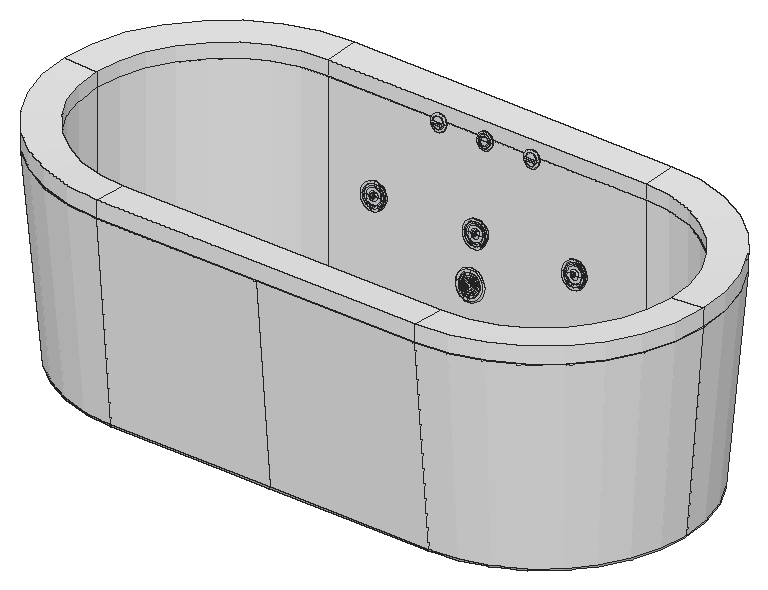
Revit family "Reece_Bath_Decina_Isle MK2_Freestanding Spa Bath_1790 mm", category Plumbing Fixtures, host Face, Revit 2018
Family settings
  Host = Face
  Round Connector Dimension = Use Diameter
  Part Type = Normal
  Cut with Voids When Loaded = Yes
  Shared = Yes
  Room Calculation Point = Yes
Parameters (values of type "190 L_Acrylic_White")
  URL = "https://www.reece.com.au/product/-9506049"
  Type Comments = "Bath"
  Reece_Product_Web Page = "https://www.reece.com.au/product/-9506049"
  Reece_Product_Type = "Bath"  # constant formula
  Reece_Product_Sub Brand = "Isle MK2"  # constant formula
  Reece_Product_Number = "9506049"
  Reece_Product_Mount = "Floor Mounted"
  Reece_Product_Description = "Decina Isle MK2 1790mm Freestanding 10 Jet Spa Bath"
  Reece_Product_Brand = "Decina"  # constant formula
  Reece_Overall_Width = 900 mm  # constant formula
  Reece_Overall_Length = 1790 mm  # constant formula
  Reece_Overall_Height = 595 mm  # constant formula
  Reece_Overall_Capacity = 190 L  # constant formula
  Reece_Material_Secondary = Reece_Brass_Chrome
  Reece_Material_Main = Reece_Acrylic_White
  Reece_Detail_Installation = "Freestanding Spa Bath"  # constant formula
  Reece_Detail_Disclaimer = "THIS FILE IS THE PROPERTY OF THE REECE GROUP. IT MAY NOT BE REPRODUCED, REVERSE-ENGINEERED OR MODIFIED. ANY REPUBLICATION, TRANSMISSION OR DISTRIBUTION FOR THE PURPOSE OF COMMERCIALLY EXPLOITING THE FILES IS PROHIBITED."  # constant formula
  Reece_Detail_Additional = "10 Jet Spa"  # constant formula
  Reece_Bath_Outlet = 40 mm  # constant formula
  Model = "Isle MK2"
  Manufacturer = "Decina"
  Keynote = "Product #9506049, Reece_Bath_Decina_Isle MK2_Freestanding Spa Bath_1790 mm - 190 L_Acrylic_White"
  Disclaimer = "THIS FILE IS THE PROPERTY OF THE REECE GROUP. IT MAY NOT BE REPRODUCED, REVERSE-ENGINEERED OR MODIFIED. ANY REPUBLICATION, TRANSMISSION OR DISTRIBUTION FOR THE PURPOSE OF COMMERCIALLY EXPLOITING THE FILES IS PROHIBITED."  # constant formula
  Description = "Decina Isle MK2 1790mm Freestanding 10 Jet Spa Bath"
  Default Elevation = 0 mm
Types (2, lengths in mm): name | Keynote
  (no name) | "Product #9506049, Reece_Bath_Decina_Isle MK2_Freestanding Spa Bath_1790 mm -  "
  190 L_Acrylic_White | "Product #9506049, Reece_Bath_Decina_Isle MK2_Freestanding Spa Bath_1790 mm - 190 L_Acrylic_White"
Reference planes
  plane 1 "Center (Front/Back)": y = 0
  plane 2 "Bottom Host Plane": z = 0
  plane 3 "Center (Left/Right)": x = 0
  plane 4 "Top Host Plane": z = 595
  plane 5: y = -450
  plane 6: y = 450
  plane 7: x = 895
  plane 8: x = -895
  plane 9: z = 99
  plane 10: x = -805
  plane 11: y = 289.5
  plane 12: x = -592.5
  plane 13: x = 592.5
  plane 14: y = -289.5
  plane 15 "Center L/S": z = 550
Forms (mm)
  Sweep 1, solid, material "Reece_Acrylic_White" <- "Reece_Material_Main"
    path origin (0, 0, 0) x (1, 0, 0) y (0, 1, 0)
      loop
        line (0, 450) -> (-445, 450)
        arc (-445, 450) -> (-763.198, 318.198) -> (-895, 0) r 450
        arc (-895, 0) -> (-763.198, -318.198) -> (-445, -450) r 450
        line (-445, -450) -> (0, -450) -> (445, -450)
        arc (445, -450) -> (763.198, -318.198) -> (895, 0) r 450
        arc (895, 0) -> (763.198, 318.198) -> (445, 450) r 450
        line (445, 450) -> (0, 450)
    profile origin (-895, 0, 0) x (1, 0, 0) y (0, 0, 1)
      loop
        arc (48.596, 8.355) -> (51.997, 2.369) -> (58.46, 0) r 10
        line (58.46, 0) -> (85, 0) -> (85, 5) -> (90, 5) -> (90, 550) -> (3.323, 550)
        arc (3.323, 550) -> (1.188, 549.107) -> (0.324, 546.96) r 3
        arc (0.324, 546.96) -> (14.233, 276.741) -> (48.596, 8.355) r 3565.25
  Revolve 2, solid, material "Reece_Acrylic_White" <- "Reece_Material_Main"
    sketch origin (0, 0, 0) x (1, 0, 0) y (0, 0, 1)
      loop
        line (-45, 99) -> (-47.5, 94.67) -> (-35, 87.453) -> (-35, 49) -> (-30, 49) -> (-30, 90.34) -> (-45, 99)
      axis (0, 49) -> (0, 99)
    angle from 0 to 360
  Extrusion 3, solid, material "Reece_Acrylic_White" <- "Reece_Material_Main"
    sketch origin (0, 0, 0) x (1, 0, 0) y (0, 1, 0)
      loop
        arc (-445, 365) -> (-703.094, 258.094) -> (-810, 0) r 365
        arc (-810, 0) -> (-703.094, -258.094) -> (-445, -365) r 365
        line (-445, -365) -> (445, -365)
        arc (445, -365) -> (703.094, -258.094) -> (810, 0) r 365
        arc (810, 0) -> (703.094, 258.094) -> (445, 365) r 365
        line (445, 365) -> (-445, 365)
    from 5 to 10
  Revolve 4, solid, material "Reece_Brass_Chrome" <- "Reece_Material_Secondary"
    sketch origin (102.729, 0, 0) x (1, 0, 0) y (0, 0, 1)
      loop
        line (-64.237, 100.945) -> (-79.126, 100.165) -> (-79.126, 101.432) -> (-75.44, 101.432) -> (-75.096, 102.717)
        arc (-75.096, 102.717) -> (-88.86, 104.517) -> (-102.729, 105.119) r 160.174
        line (-102.729, 105.119) -> (-102.729, 45) -> (-74.648, 45) -> (-74.648, 99) -> (-63.185, 99) -> (-63.185, 99.946)
        arc (-63.185, 99.946) -> (-63.497, 100.672) -> (-64.237, 100.945) r 1
      axis (-102.729, 45) -> (-102.729, 105.119)
    angle from 0 to 360
  Revolve 5, solid, material "Reece_Brass_Chrome" <- "Reece_Material_Secondary"
    sketch origin (0, 0, 19.526) x (0, 1, 0) y (0, 0, 1)
      loop
        line (306.14, 227.14) -> (303.737, 224.737) -> (302.727, 218.316) -> (303.715, 218.161) -> (303.249, 215.197) -> (302.261, 215.353) -> (301.795, 212.389) -> (302.783, 212.234) -> (302.316, 209.27) -> (301.328, 209.426) -> (300.862, 206.462) -> (301.85, 206.307) -> (301.384, 203.343) -> (300.396, 203.499) -> (299.93, 200.535) -> (300.918, 200.38) -> (300.451, 197.416) -> (299.463, 197.572) -> (298.997, 194.608) -> (299.985, 194.453) -> (298.936, 187.785) -> (299.924, 187.629) -> (306.14, 227.14)
      axis (297.948, 187.94) -> (299.924, 187.629)
    angle from 0 to 360
  Sweep 6, solid, material "Reece_Acrylic_White" <- "Reece_Material_Main"
    path origin (0, 0, 0) x (1, 0, 0) y (0, 1, 0)
      loop
        line (0, 450) -> (-445, 450)
        arc (-445, 450) -> (-763.198, 318.198) -> (-895, 0) r 450
        arc (-895, 0) -> (-763.198, -318.198) -> (-445, -450) r 450
        line (-445, -450) -> (0, -450) -> (445, -450)
        arc (445, -450) -> (763.198, -318.198) -> (895, 0) r 450
        arc (895, 0) -> (763.198, 318.198) -> (445, 450) r 450
        line (445, 450) -> (0, 450)
    profile origin (-895, 0, 0) x (1, 0, 0) y (0, 0, 1)
      loop
        line (90, 590) -> (0, 595) -> (0, 550) -> (90, 550) -> (90, 590)
Cuts and joins
  joined: Sweep 1, Extrusion 3
Lines and regions (mm)
  symbolic lines
    curve 1: arc (-303, 289.5, 0) -> (-592.5, 0, 0) -> (-303, -289.5, 0) r 289.5
    curve 2: arc (303, 289.5, 0) -> (592.5, 0, 0) -> (303, -289.5, 0) r 289.5
    curve 3: line (-303, 289.5, 0) -> (303, 289.5, 0)
    curve 4: line (-303, -289.5, 0) -> (303, -289.5, 0)
Text (mm)
  text "Reece ©" at (3666.038, -1923.587, 2427.188), in view "Reece Preview"
  text "Reece ©" at (1069.571, -575.83, -1020.679), in view "Ref. Level"
Dimensions and locks
  plane 5 to plane 6 = 900 mm
  plane 8 to plane 7 = 1790 mm
  equal spacing: plane 5, plane 1 "Center (Front/Back)", plane 6
  equal spacing: plane 8, plane 3 "Center (Left/Right)", plane 7
  plane 4 "Top Host Plane" to level = 595 mm
  plane 7 to plane 8 = 1790 mm
  plane 8 to plane 3 "Center (Left/Right)" = 895 mm
  plane 8 to plane 10 = 90 mm
  plane 4 "Top Host Plane" to plane 9 = 496 mm
  plane 12 to plane 13 = 1185 mm
  plane 14 to plane 11 = 579 mm
  plane 4 "Top Host Plane" to plane 15 "Center L/S" = 45 mm
Automatic sketch dimensions
  Sweep 1 sketch curve to Sweep 1 sketch curve = 0 mm  (x6)
  plane 1 "Center (Front/Back)" to Sweep 1 sketch curve = 0 mm
  Sweep 1 sketch curve to plane 8 = 0 mm
  plane 6 to Sweep 1 sketch curve = 0 mm
  Sweep 1 sketch curve to plane 3 "Center (Left/Right)" = 0 mm  (x2)
  Sweep 1 sketch curve to plane 7 = 0 mm
  Revolve 2 sketch curve to plane 9 = 0 mm
  Revolve 2 sketch curve to plane 3 "Center (Left/Right)" = 0 mm
  Revolve 2 sketch curve to plane 9 = 8.66 mm
  Revolve 2 sketch curve to plane 3 "Center (Left/Right)" = 30 mm
  Revolve 2 sketch curve to Revolve 2 sketch curve = 2.887 mm
  Revolve 2 sketch curve to Revolve 2 sketch curve = 38.453 mm
  Revolve 2 sketch curve to Revolve 2 sketch curve = 2.5 mm
  Revolve 2 sketch curve to plane 9 = 4.33 mm
  Revolve 2 sketch curve to Revolve 2 sketch curve = 17.35 mm
  plane 9 to Revolve 2 sketch curve = 22.35 mm
  Revolve 4 sketch curve to plane 3 "Center (Left/Right)" = 0 mm  (x2)
  plane 9 to Revolve 4 sketch curve = 1.165 mm
  plane 3 "Center (Left/Right)" to Revolve 4 sketch curve = 23.603 mm
  plane 9 to Revolve 4 sketch curve = 2.432 mm
  Revolve 4 sketch curve to Revolve 4 sketch curve = 3.686 mm
  plane 9 to Revolve 4 sketch curve = 0 mm
  Revolve 4 sketch curve to Revolve 4 sketch curve = 0.792 mm
  plane 9 to Revolve 4 sketch curve = 1.945 mm
  Revolve 4 sketch curve to Revolve 4 sketch curve = 10.411 mm
  plane 9 to Revolve 4 sketch curve = 0.946 mm
  Revolve 4 sketch curve to Revolve 4 sketch curve = 0.052 mm
  level to Revolve 4 sketch curve = 45 mm
  Revolve 4 sketch curve to Revolve 4 sketch curve = 0.344 mm
  plane 9 to Revolve 4 sketch curve = 3.717 mm
  Revolve 4 sketch curve to Revolve 4 sketch curve = 12.235 mm
  Revolve 4 sketch curve to Revolve 4 sketch curve = 10.062 mm
  Revolve 4 sketch curve to level = 55.056 mm
  Revolve 5 sketch curve to Revolve 5 sketch curve = 0.061 mm
  Revolve 5 sketch curve to Revolve 5 sketch curve = 0.466 mm  (x8)
  Revolve 5 sketch curve to Revolve 5 sketch curve = 0.988 mm  (x10)
  Revolve 5 sketch curve to Revolve 5 sketch curve = 1.01 mm
  Revolve 5 sketch curve to Revolve 5 sketch curve = 0 mm  (x2)
  Revolve 5 sketch curve to Revolve 5 sketch curve = 2.403 mm
  Revolve 5 sketch curve to Revolve 5 sketch curve = 6.486 mm
  Revolve 5 sketch curve to Revolve 5 sketch curve = 1.02 mm
  plane 9 to Revolve 5 sketch curve = 108.311 mm
  plane 3 "Center (Left/Right)" to curve 2 = 303 mm
  plane 1 "Center (Front/Back)" to curve 2 = 0 mm
  plane 6 to Revolve 5 sketch curve = 151.064 mm
  Revolve 5 sketch curve to Revolve 5 sketch curve = 0.155 mm
  curve 3 to plane 3 "Center (Left/Right)" = 303 mm
  curve 4 to plane 5 = 160.5 mm
  Sweep 6 sketch curve to Sweep 6 sketch curve = 0 mm  (x4)
  plane 1 "Center (Front/Back)" to Sweep 6 sketch curve = 0 mm
  Sweep 6 sketch curve to plane 8 = 0 mm
  plane 6 to Sweep 6 sketch curve = 0 mm
  Sweep 6 sketch curve to plane 3 "Center (Left/Right)" = 0 mm  (x2)
  Sweep 6 sketch curve to plane 7 = 0 mm
  Sweep 1 sketch curve to level = 0 mm
  Sweep 1 sketch curve to profile plane = 58.46 mm
  level to Sweep 1 sketch curve = 5 mm
  Sweep 1 sketch curve to Sweep 1 sketch curve = 26.54 mm
  Sweep 1 sketch curve to Sweep 1 sketch curve = 5 mm
  level to Sweep 1 sketch curve = 10 mm
  Sweep 1 sketch curve to profile plane = 3.323 mm
  level to Sweep 1 sketch curve = 595 mm
  Sweep 1 sketch curve to Sweep 1 sketch curve = 3475.25 mm
  Sweep 1 sketch curve to Sweep 1 sketch curve = 537 mm
  Sweep 6 sketch curve to profile plane = 90 mm
  level to Sweep 6 sketch curve = 550 mm
  Sweep 6 sketch curve to Sweep 6 sketch curve = 40 mm
  Sweep 6 sketch curve to profile plane = 0 mm
  Sweep 6 sketch curve to Sweep 6 sketch curve = 45 mm
  plane 1 "Center (Front/Back)" to Extrusion 3 sketch curve = 0 mm  (x2)
  plane 12 to Extrusion 3 sketch curve = 147.5 mm
  Extrusion 3 sketch curve to plane 11 = 75.5 mm
  plane 13 to Extrusion 3 sketch curve = 147.5 mm
  Extrusion 3 sketch curve to Extrusion 3 sketch curve = 0 mm
Nested families
  nested 1: "Reece_Bath_Decina_Isle MK2_Freestanding Spa Bath_Nested" at (632.838, 84.949, 318.851) x (0.4519, 0.2284, 0.8623) z (-0.8355, -0.2304, 0.4989), Reece_Material_Secondary <- "Reece_Material_Secondary", type "Flush Mini Jet"
    with Reece_Material_Secondary Reece_Brass_Chrome
  nested 2: "Reece_Bath_Decina_Isle MK2_Freestanding Spa Bath_Nested" at (676.094, 117.877, 409.029) x (0.575, -0.3123, 0.7562) z (-0.8141, -0.3107, 0.4907), Reece_Material_Secondary <- "Reece_Material_Secondary", type "Flush Mini Jet"
    with Reece_Material_Secondary Reece_Brass_Chrome
  nested 3: "Reece_Bath_Decina_Isle MK2_Freestanding Spa Bath_Nested" at (632.854, -84.449, 318.656) x (0.5489, 0.3492, 0.7595) z (-0.8359, 0.2293, 0.4987), Reece_Material_Secondary <- "Reece_Material_Secondary", type "Flush Mini Jet"
    with Reece_Material_Secondary Reece_Brass_Chrome
  nested 4: "Reece_Bath_Decina_Isle MK2_Freestanding Spa Bath_Nested" at (676.147, -117.973, 409.233) x (0.5811, 0.4361, 0.6871) z (-0.8138, 0.3114, 0.4907), Reece_Material_Secondary <- "Reece_Material_Secondary", type "Flush Mini Jet"
    with Reece_Material_Secondary Reece_Brass_Chrome
  nested 5: "Reece_Bath_Decina_Isle MK2_Freestanding Spa Bath_Nested" at (-0.052, 318.7, 327.496) x (1, 0, 0) z (-0.0001, -0.9878, 0.1554), Reece_Material_Secondary <- "Reece_Material_Secondary", type "Flush Centro Jet"
    with Reece_Material_Secondary Reece_Brass_Chrome
  nested 6: "Reece_Bath_Decina_Isle MK2_Freestanding Spa Bath_Nested" at (-280.345, 312.793, 326.381) x (0.9993, 0.0356, -0.0067) z (0.0362, -0.9824, 0.183), Reece_Material_Secondary <- "Reece_Material_Secondary", type "Flush Centro Jet"
    with Reece_Material_Secondary Reece_Brass_Chrome
  nested 7: "Reece_Bath_Decina_Isle MK2_Freestanding Spa Bath_Nested" at (282.061, 312.717, 326.739) x (0.9993, -0.0357, 0.0067) z (-0.0363, -0.9824, 0.1834), Reece_Material_Secondary <- "Reece_Material_Secondary", type "Flush Centro Jet"
    with Reece_Material_Secondary Reece_Brass_Chrome
  nested 8: "Reece_Bath_Decina_Isle MK2_Freestanding Spa Bath_Nested" at (0, -318.726, 327.59) x (-1, 0.0002, -0.001) z (0, 0.9878, 0.1554), Reece_Material_Secondary <- "Reece_Material_Secondary", type "Flush Centro Jet"
    with Reece_Material_Secondary Reece_Brass_Chrome
  nested 9: "Reece_Bath_Decina_Isle MK2_Freestanding Spa Bath_Nested" at (281.774, -312.675, 326.835) x (-0.9993, -0.0371, -0.0006) z (-0.0366, 0.9826, 0.1822), Reece_Material_Secondary <- "Reece_Material_Secondary", type "Flush Centro Jet"
    with Reece_Material_Secondary Reece_Brass_Chrome
  nested 10: "Reece_Bath_Decina_Isle MK2_Freestanding Spa Bath_Nested" at (-280.381, -312.643, 326.409) x (-0.9993, 0.0372, 0.0006) z (0.0367, 0.9826, 0.1821), Reece_Material_Secondary <- "Reece_Material_Secondary", type "Flush Centro Jet"
    with Reece_Material_Secondary Reece_Brass_Chrome
  nested 11: "Reece_Bath_Decina_Isle MK2_Freestanding Spa Bath_Nested" at (-130.041, 352.864, 545.698) x (1, 0.0028, 0.0006) z (0.0026, -0.9872, 0.1596), Reece_Material_Secondary <- "Reece_Material_Secondary", type "Flush Air Control"
    with Reece_Material_Secondary Reece_Brass_Chrome
  nested 12: "Reece_Bath_Decina_Isle MK2_Freestanding Spa Bath_Nested" at (130.67, 352.838, 545.678) x (1, -0.0028, -0.0006) z (-0.0027, -0.9872, 0.1596), Reece_Material_Secondary <- "Reece_Material_Secondary", type "Flush Air Control"
    with Reece_Material_Secondary Reece_Brass_Chrome
  nested 13: "Reece_Bath_Decina_Isle MK2_Freestanding Spa Bath_Nested" at (-0.13, 353.002, 545.43) x (1, 0, 0) z (0, -0.9878, 0.1554), Reece_Material_Secondary <- "Reece_Material_Secondary", type "Reece Flush Air Button"
    with Reece_Material_Secondary Reece_Brass_Chrome
Connectors
  piping at (0, 0, 45), diameter 40, driven by "Reece_Bath_Outlet"
    settings: on Revolve 4, index 1, connector inside diameter 609.6 mm, connector length 0 mm, flow factor 0, pipe flow 0.0 L/s, pressure drop 0.0 Pa, fitting loss kfactor 0, connector angle 0.00°, fixture units 0, engagement length 0 mm, angle of deflection 0.00°, flow configuration 0, flow direction 2, fitting loss method 0, system type 16, joint type 0, gender type 0, connector reference index -1, connector utility 0, adjustable connector no, is connector primary yes, connector description ""
Definition of nested family "Reece_Bath_Decina_Isle MK2_Freestanding Spa Bath_Nested"
  Parameters (values of type "Flush Air Control")
    Waste Connection = no
    WFU = 0
    Vent Connection = no
    URL = ""
    Type Comments = ""
    Reece_Material_Secondary [instance] = none
    Reece_Material_Main = none
    Reece_Flush_Mini_Jet = no
    Reece_Flush_Centro_Jet = no
    Reece_Flush_Air_Control = yes
    Reece_Flush_Air_Button = no
    Model = ""
    Manufacturer = ""
    Keynote = ""
    HWFU = 0
    HW Connection = no
    Description = ""
    Default Elevation = 0 mm
    Cost = 0
    CWFU = 0
    CW Connection = no
    Assembly Code = ""
  Types (4, lengths in mm): name | Reece_Flush_Mini_Jet | Reece_Flush_Centro_Jet | Reece_Flush_Air_Control | Reece_Flush_Air_Button
    Flush Mini Jet | yes | no | no | no
    Flush Centro Jet | no | yes | no | no
    Flush Air Control | no | no | yes | no
    Reece Flush Air Button | no | no | no | yes
  Reference planes
    plane 1 "Center (Front/Back)": y = 0
    plane 2 "Bottom Host Plane": z = 0
    plane 3 "Center (Left/Right)": x = 0
  Forms (mm)
    Revolve 1, solid, material <- "Reece_Material_Secondary", visible <- "Reece_Flush_Mini_Jet"
      sketch origin (0, 0, 0) x (1, 0, 0) y (0, 0, 1)
        loop
          line (0, 0) -> (0, 0.969) -> (-3.094, 0.969) -> (-3.094, 4)
          arc (-3.094, 4) -> (-3.594, 3.998) -> (-4.094, 3.991) r 55.5
          line (-4.094, 3.991) -> (-4.094, 2.991)
          arc (-4.094, 2.991) -> (-4.594, 2.979) -> (-5.094, 2.963) r 54.5
          line (-5.094, 2.963) -> (-5.094, 3.914)
          arc (-5.094, 3.914) -> (-10.048, 3.413) -> (-14.938, 2.471) r 55.5
          line (-14.938, 2.471) -> (-14.938, 1.662)
          arc (-14.938, 1.662) -> (-15.438, 1.547) -> (-15.938, 1.427) r 54.5
          line (-15.938, 1.427) -> (-15.938, 2.221)
          arc (-15.938, 2.221) -> (-17.98, 1.65) -> (-20, 1) r 55.5
          line (-20, 1) -> (-20, 0) -> (0, 0)
        axis (0, 0) -> (0, 4)
      angle from 0 to 360
    Revolve 2, solid, material <- "Reece_Material_Secondary", visible <- "Reece_Flush_Centro_Jet"
      sketch origin (0, 0, 0) x (1, 0, 0) y (0, 0, 1)
        loop
          line (-35, 0) -> (-31, 0) -> (-31, -2) -> (-23.517, -2) -> (-14.949, -7.779) -> (0, -7.779) -> (0, 0.312) -> (-5.094, 0.312) -> (-5.094, 2.094) -> (-7.121, 2.094) -> (-11.318, 0.313) -> (-21.043, 0.313) -> (-23.565, 1) -> (-28.063, 1) -> (-28.063, 0.178) -> (-29.063, 0.178) -> (-29.063, 1) -> (-35, 1) -> (-35, 0)
        axis (0, -7.779) -> (0, 2.094)
      angle from 0 to 360
    Revolve 3, solid, material <- "Reece_Material_Secondary", visible <- "Reece_Flush_Air_Button"
      sketch origin (0, 0, 0) x (1, 0, 0) y (0, 0, 1)
        loop
          line (0, 0) -> (0, 3.312)
          arc (0, 3.312) -> (-5.508, 3.162) -> (-11, 2.712) r 101
          line (-11, 2.712) -> (-11, 1.706)
          arc (-11, 1.706) -> (-11.5, 1.649) -> (-12, 1.59) r 100
          line (-12, 1.59) -> (-12, 2.597)
          arc (-12, 2.597) -> (-14.003, 2.337) -> (-16, 2.037) r 101
          line (-16, 2.037) -> (-16, 1.024)
          arc (-16, 1.024) -> (-16.5, 0.942) -> (-17, 0.857) r 100
          line (-17, 0.857) -> (-17, 1.872)
          arc (-17, 1.872) -> (-19.503, 1.412) -> (-21.994, 0.889) r 101
          line (-21.994, 0.889) -> (-21.994, 0) -> (0, 0)
        axis (0, 3.312) -> (0, 0)
      angle from 0 to 360
    Revolve 4, solid, material <- "Reece_Material_Secondary", visible <- "Reece_Flush_Air_Control"
      sketch origin (0, 0, 0) x (1, 0, 0) y (0, 0, 1)
        loop
          line (0, 0) -> (0, 3.781)
          arc (0, 3.781) -> (-7.355, 3.513) -> (-14.672, 2.71) r 101
          line (-14.672, 2.71) -> (-14.672, 1.111)
          arc (-14.672, 1.111) -> (-15.172, 1.032) -> (-15.672, 0.95) r 100
          line (-15.672, 0.95) -> (-15.672, 2.089)
          arc (-15.672, 2.089) -> (-18.846, 1.539) -> (-22, 0.887) r 101
          line (-22, 0.887) -> (-22, 0) -> (0, 0)
        axis (0, 3.781) -> (0, 0)
      angle from 0 to 360
    Extrusion 5, solid, material <- "Reece_Material_Secondary", visible <- "Reece_Flush_Air_Control"
      sketch origin (0, 0, 1) x (1, 0, 0) y (0, 0, 1)
        loop
          arc (-14.359, 1.735) -> (0, 2.761) -> (14.359, 1.735) r 100.98
          line (14.359, 1.735) -> (14.359, 8.929)
          arc (14.359, 8.929) -> (13.774, 10.343) -> (12.359, 10.929) r 2
          line (12.359, 10.929) -> (-12.359, 10.929)
          arc (-12.359, 10.929) -> (-13.774, 10.343) -> (-14.359, 8.929) r 2
          line (-14.359, 8.929) -> (-14.359, 1.735)
      from -2 to 2
  Text (mm)
    text "Reece ©" at (2737.577, -2638.462, 2640.774), in view "Reece Preview"
    text "Reece ©" at (1631.025, -1085.127, -1020.679), in view "Ref. Level"
